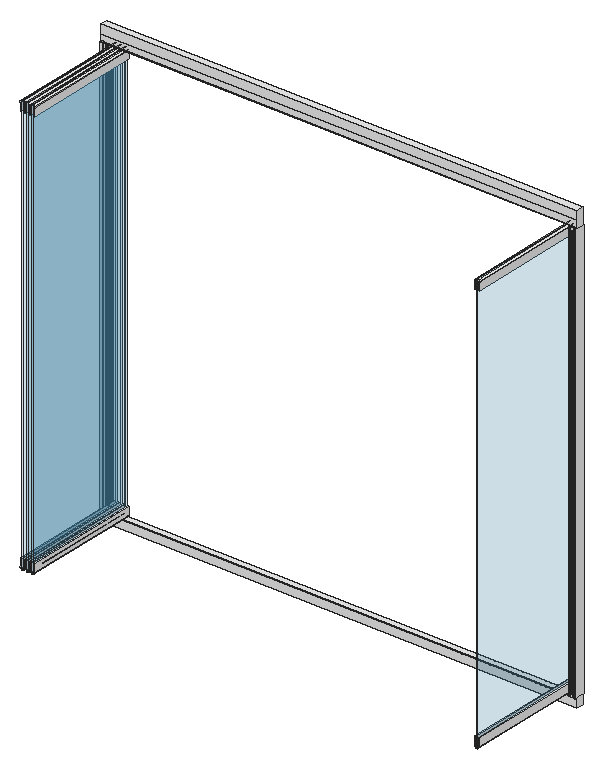
Revit family "Window-NanaWall-SL-25", category Windows, host Wall, Revit 2013 (continued)
Definition of nested family "Sill_SL-25"
  Definition of nested family "Detail Item_Sill_SL-25"
    Lines and regions (in)
      model lines, in view "Ref. Level"
        curve 758: line (-0.61721, 1.03629, 0) -> (-0.63523, 1.00507, 0)
        curve 759: line (-0.50403, 1.08871, 0) -> (-0.52419, 1.08871, 0)
        curve 760: line (-0.48387, 1.03629, 0) -> (-0.48387, 1.06855, 0)
        curve 761: line (-0.46371, 0.85887, 0) -> (-0.53726, 0.85887, 0)
        curve 762: line (0.34274, 0.7379, 0) -> (0.34274, 0.43548, 0)
        curve 763: line (0.34274, 0.43548, 0) -> (0.02095, 0.43548, 0)
        curve 764: line (0.02095, 0.43548, 0) -> (0, 0.42339, 0)
        curve 765: line (0, 0.42339, 0) -> (-0.02095, 0.43548, 0)
        curve 766: line (-0.02095, 0.43548, 0) -> (-0.34274, 0.43548, 0)
        curve 767: line (-0.34274, 0.43548, 0) -> (-0.34274, 0.7379, 0)
        curve 768: line (-0.49024, 1.47177, 0) -> (-0.51302, 1.47177, 0)
        curve 769: line (-0.51302, 1.47177, 0) -> (-0.49024, 1.47177, 0)
        curve 770: line (0.23029, 1.47177, 0) -> (0.22177, 1.47177, 0)
        curve 771: line (0.22177, 1.47177, 0) -> (0.23029, 1.47177, 0)
        curve 772: line (-0.74597, 1.67339, 0) -> (0.74597, 1.67339, 0)
        curve 773: line (-0.22177, 2.43952, 0) -> (0.22177, 2.43952, 0)
        curve 774: line (0.22177, 2.43952, 0) -> (-0.22177, 2.43952, 0)
        curve 775: line (-0.24194, 2.70161, 0) -> (-0.24194, 2.45968, 0)
        curve 776: line (-0.24194, 2.45968, 0) -> (-0.24194, 2.4326, 0)
        curve 777: line (0.3629, 1.75403, 0) -> (0.3629, 2.11694, 0)
        curve 778: line (0.3629, 2.11694, 0) -> (0.3629, 2.17742, 0)
        curve 779: line (0.3629, 2.17742, 0) -> (0.3629, 2.27822, 0)
        curve 780: line (0.3629, 2.27822, 0) -> (0.32869, 2.31244, 0)
        curve 781: line (0.32869, 2.31244, 0) -> (0.31686, 2.32427, 0)
        curve 782: line (0.31686, 2.32427, 0) -> (0.26556, 2.37557, 0)
        curve 783: line (0.26556, 2.37557, 0) -> (0.31083, 2.3303, 0)
        curve 784: line (0.24194, 2.70161, 0) -> (0.24194, 2.45968, 0)
        curve 785: line (0.24194, 2.45968, 0) -> (0.24194, 2.4326, 0)
        curve 786: line (0.2621, 1.14919, 0) -> (0.38306, 1.14919, 0)
        curve 787: line (0.38306, 1.14919, 0) -> (0.42507, 1.14919, 0)
        curve 788: line (0.42507, 1.14919, 0) -> (0.37603, 1.14919, 0)
        curve 789: line (0.37603, 1.14919, 0) -> (0.2621, 1.14919, 0)
        curve 790: line (-0.42363, 1.14919, 0) -> (-0.38306, 1.14919, 0)
        curve 791: line (-0.38306, 1.14919, 0) -> (-0.2621, 1.14919, 0)
        curve 792: line (-0.2621, 1.14919, 0) -> (-0.37593, 1.14919, 0)
        curve 793: line (-0.37593, 1.14919, 0) -> (-0.4223, 1.14919, 0)
        curve 794: line (0.49024, 1.47177, 0) -> (0.51302, 1.47177, 0)
        curve 795: line (0.51302, 1.47177, 0) -> (0.49024, 1.47177, 0)
        curve 796: line (0.47016, 1.45337, 0) -> (0.44516, 1.1676, 0)
        curve 797: line (-0.47016, 1.45337, 0) -> (-0.44516, 1.1676, 0)
        curve 798: line (-0.3629, 1.75403, 0) -> (-0.3629, 2.11694, 0)
        curve 799: line (-0.3629, 2.11694, 0) -> (-0.3629, 2.17742, 0)
        curve 800: line (-0.3629, 2.17742, 0) -> (-0.3629, 2.27822, 0)
        curve 801: line (-0.3629, 2.27822, 0) -> (-0.32869, 2.31244, 0)
        curve 802: line (-0.32869, 2.31244, 0) -> (-0.31686, 2.32427, 0)
        curve 803: line (-0.31686, 2.32427, 0) -> (-0.26556, 2.37557, 0)
        curve 804: line (-0.26556, 2.37557, 0) -> (-0.3141, 2.32703, 0)
        curve 805: line (0.76613, 1.65323, 0) -> (0.76613, 1.49194, 0)
        curve 806: line (0.76613, 1.49194, 0) -> (0.76613, 1.65323, 0)
        curve 807: line (-0.76613, 1.65323, 0) -> (-0.76613, 1.49194, 0)
        curve 808: line (-0.76613, 1.49194, 0) -> (-0.76613, 1.65323, 0)
        curve 809: line (-0.24194, 1.45161, 0) -> (-0.24194, 1.16935, 0)
        curve 810: line (-0.24194, 1.16935, 0) -> (-0.24194, 1.45161, 0)
        curve 811: line (0.24194, 1.16935, 0) -> (0.24194, 1.45161, 0)
        curve 812: line (0.32006, 1.875, 0) -> (0.32006, 2.27804, 0)
        curve 813: line (-0.32006, 1.875, 0) -> (-0.32006, 2.27823, 0)
        curve 814: line (0.24194, 2.72177, 0) -> (0.02095, 2.72177, 0)
        curve 815: line (0.02095, 2.72177, 0) -> (0, 2.73387, 0)
        curve 816: line (0, 2.73387, 0) -> (-0.02095, 2.72177, 0)
        curve 817: line (-0.02095, 2.72177, 0) -> (0.02095, 2.72177, 0)
        curve 818: line (0.02095, 2.72177, 0) -> (-0.02095, 2.72177, 0)
        curve 819: line (-0.02095, 2.72177, 0) -> (-0.28226, 2.72177, 0)
        curve 820: line (-0.44355, 2.64113, 0) -> (-0.44355, 2.7621, 0)
        curve 821: line (-0.44355, 2.7621, 0) -> (-0.3629, 2.84274, 0)
        curve 822: line (-0.3629, 2.84274, 0) -> (-0.3629, 3.0234, 0)
        curve 823: line (-0.3629, 3.0234, 0) -> (-0.35081, 3.04435, 0)
        curve 824: line (-0.35081, 3.04435, 0) -> (-0.3629, 3.06531, 0)
        curve 825: line (-0.3629, 3.06531, 0) -> (-0.3629, 3.24597, 0)
        curve 826: line (-0.3629, 3.24597, 0) -> (-0.44355, 3.32661, 0)
        curve 827: line (-0.44355, 3.32661, 0) -> (-0.44355, 3.44758, 0)
        curve 828: line (-0.42339, 3.46774, 0) -> (-0.38306, 3.46774, 0)
        curve 829: line (-0.32258, 3.36694, 0) -> (-0.02095, 3.36694, 0)
        curve 830: line (-0.02095, 3.36694, 0) -> (0, 3.35484, 0)
        curve 831: line (0, 3.35484, 0) -> (0.02095, 3.36694, 0)
        curve 832: line (0.02095, 3.36694, 0) -> (0.24194, 3.36694, 0)
        curve 833: line (0.30242, 0.875, 0) -> (0.30242, 0.47177, 0)
        curve 834: line (0.30242, 0.47177, 0) -> (-0.30242, 0.47177, 0)
        curve 835: line (-0.30242, 0.47177, 0) -> (-0.30242, 0.875, 0)
        curve 836: line (-0.16129, 0.97581, 0) -> (-0.16129, 1.19758, 0)
        curve 837: line (-0.15947, 1.19758, 0) -> (-0.15947, 1.27823, 0)
        curve 838: line (-0.15947, 1.27823, 0) -> (0, 1.27823, 0)
        curve 839: line (0, 1.27823, 0) -> (0.15947, 1.27823, 0)
        curve 840: line (0.15947, 1.27823, 0) -> (0.15947, 1.19758, 0)
        curve 841: line (-0.13904, 1.29839, 0) -> (0.13904, 1.29839, 0)
        curve 842: line (0.16129, 1.19758, 0) -> (0.16129, 0.97581, 0)
        curve 843: line (0.16129, 1.47177, 0) -> (0.16129, 1.19758, 0)
        curve 844: line (-0.16129, 1.47177, 0) -> (-0.16129, 1.19758, 0)
        curve 845: line (-0.53427, 0.97581, 0) -> (-0.53427, 0.875, 0)
        curve 846: line (-0.53427, 0.875, 0) -> (0.53427, 0.875, 0)
        curve 847: line (0.53427, 0.875, 0) -> (0.53427, 0.97581, 0)
        curve 848: line (0.53427, 0.97581, 0) -> (-0.53427, 0.97581, 0)
        curve 849: line (0.11895, 0.43548, 0) -> (0.13105, 0.44758, 0)
        curve 850: line (0.13105, 0.44758, 0) -> (-0.13105, 0.44758, 0)
        curve 851: line (-0.13105, 0.44758, 0) -> (-0.11895, 0.43548, 0)
        curve 852: line (-0.11895, 0.43548, 0) -> (0.11895, 0.43548, 0)
        curve 853: line (-0.13105, 0.44758, 0) -> (-0.15524, 0.47177, 0)
        curve 854: line (0.13105, 0.44758, 0) -> (0.15524, 0.47177, 0)
        curve 855: line (0.74597, 1.47177, 0) -> (-0.74597, 1.47177, 0)
        curve 856: line (0.28226, 3.24597, 0) -> (0.28226, 3.26613, 0)
Definition of nested family "DetailItem_Panel"
  Parameters (values of type "DetailItem_Panel")
    Panel Thickness = 0' - 1 3/4"
    Panel Width = 2' - 5 135/256"
    Assembly Code = ""
  Reference planes (in)
    plane 1 "Center (Front/Back)": y = -1.66017
    plane 2: z = 0
    plane 3 "Center (Left/Right)": x = 0.04527
    plane 4 "Right": x = 0.92027
    plane 5: x = -0.82973
    plane 6 "Back": y = 13.10351
    plane 7: y = -16.42384
  Lines and regions (in)
    detail lines, in view "Ref. Level"
      curve 1: line (-0.82973, 13.10351, 0) -> (-0.82973, -16.42384, 0)
      curve 2: line (-0.82973, 13.10351, 0) -> (0.92027, 13.10351, 0)
      curve 3: line (0.92027, 13.10351, 0) -> (0.92027, -16.42384, 0)
      curve 4: line (-0.82973, -16.42384, 0) -> (0.92027, -16.42384, 0)
  Dimensions and locks (in)
    equal spacing: plane 5, plane 3 "Center (Left/Right)", plane 4 "Right"
    "Panel Thickness": plane 5 to plane 4 "Right"
    equal spacing: plane 6 "Back", plane 1 "Center (Front/Back)", plane 7
    "Panel Width": plane 6 "Back" to plane 7
    aligned and locked: curve 1 to plane 5
    aligned and locked: curve 2 to plane 6 "Back"
    aligned and locked: curve 3 to plane 4 "Right"
    aligned and locked: curve 4 to plane 7
